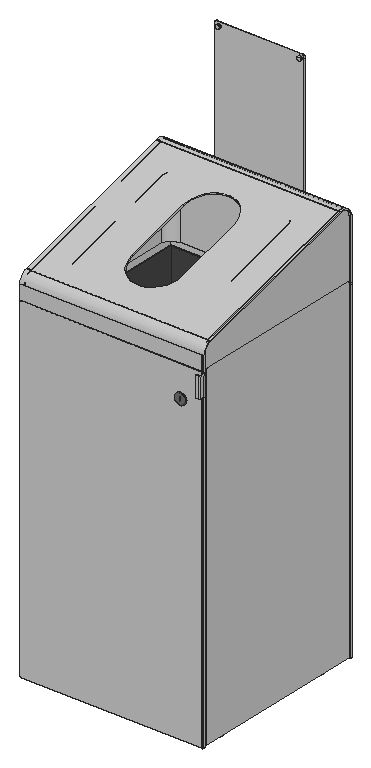
Revit family "Magnuson-Receptacles-Trosa+", category Furniture, Revit 2021
Family settings
  OmniClass Number = 23.40.20.00
  OmniClass Title = General Furniture and Specialties
  Work Plane-Based = No
  Always vertical = Yes
  Cut with Voids When Loaded = No
  Shared = No
  Room Calculation Point = No
Parameters (values of type "TRO-1818L")
  Width = 18"
  URL = "https://www.magnusongroup.com/"
  Type Comments = "Waste Receptacles"  # constant formula
  Top Opening [instance] = Options : A-TRO-Recycle
  Top Finish = MAG - Steel Painted
  Sustainability = "https://magnusongroup.com/contactus/sustainability.html"
  Signage Finish = MAG - Steel Painted
  Height = "A-TRO = 40 1/4\" ; F-TRO = 35 3/4\""
  Adhesive Finish = MAG - Plastic Black
  -ADH-P [instance] = no
  -MAG-R [instance] = yes
  Revit Model Built By = "https://servex-us.com/servex-revit/"
  Product Documentation Link = "https://magnusongroup.com/products/wastereceptacles/trosa.html"
  Model = "TRO-1818L"
  Manufacturer = "Magnuson Group"  # constant formula
  Lock Finish = MAG - Aluminum Black
  -LOCK [instance] = yes
  Liner Finish = MAG - Plastic Black
  Keynote = "12500"
  Glides Finish = MAG - Plastic Black
  Door Finish = MAG - Steel Painted
  Description = "Painted steel 42 gallon body waste receptacle with front access door, internal rigid liner and adjustable glides."
  Frame Finish = MAG - Steel Painted
  Depth = 18.00185"
  Default Elevation = 0"
  Assembly Code = "E2020200"
  Acrylic Finish = MAG - Acrylic Clear
  -ACR [instance] = no
Reference planes (in)
  plane 1 "Center (Front/Back)": y = 0.01377
  plane 2: z = 0
  plane 3 "Center (Left/Right)": x = 0
  plane 4: x = 18
  plane 5: y = -17.98808
  plane 6: z = 33.48799
Forms (in)
  Sweep 1, solid, material "MAG - Plastic Black" <- "Liner Finish"
    path origin (0, 0, 0) x (1, 0, 0) y (0, 1, 0)
      loop
        line (2.65306, -2.6393) -> (2.65306, -15.33317) -> (15.34694, -15.33317) -> (15.34694, -2.6393) -> (2.65306, -2.6393)
    profile origin (9, -2.6393, 0) x (0, 1, 0) y (0, 0, 1)
      loop
        line (0, 1.66099) -> (0, 1.53599) -> (0.12181, 1.53599) -> (0.90306, 31.78599) -> (0.77802, 31.78599) -> (0, 1.66099)
  Extrusion 2, solid, material "MAG - Steel Painted" <- "Frame Finish"
    sketch origin (0, 0, 0) x (1, 0, 0) y (0, 1, 0)
      loop
        line (0.3603, -17.40903) -> (0.875, -17.40903) -> (0.875, -17.34653) -> (0.3603, -17.34653)
        arc (0.3603, -17.34653) -> (0.3265, -17.33253) -> (0.3125, -17.29873) r 0.0478
        line (0.3125, -17.29873) -> (0.3125, -0.03403) -> (0.25, -0.03403) -> (0.25, -17.29873)
        arc (0.25, -17.29873) -> (0.28231, -17.37673) -> (0.3603, -17.40903) r 0.1103
      loop
        arc (17.6397, -17.40903) -> (17.71769, -17.37673) -> (17.75, -17.29873) r 0.1103
        line (17.75, -17.29873) -> (17.75, -0.03403) -> (17.6875, -0.03403) -> (17.6875, -17.29873)
        arc (17.6875, -17.29873) -> (17.6735, -17.33253) -> (17.6397, -17.34653) r 0.0478
        line (17.6397, -17.34653) -> (17.125, -17.34653) -> (17.125, -17.40903) -> (17.6397, -17.40903)
    from 0.48819 to 33.53579
  Extrusion 3, solid, material "MAG - Steel Painted" <- "Frame Finish"
    sketch origin (0, 0, 0) x (0, 1, 0) y (0, 0, 1)
      loop
        line (-1.05058, 1.48819) -> (-4.05058, 1.48819) -> (-4.05058, 0.61319)
        arc (-4.05058, 0.61319) -> (-4.01397, 0.5248) -> (-3.92558, 0.48819) r 0.125
        line (-3.92558, 0.48819) -> (-1.17558, 0.48819)
        arc (-1.17558, 0.48819) -> (-1.08719, 0.5248) -> (-1.05058, 0.61319) r 0.125
        line (-1.05058, 0.61319) -> (-1.05058, 1.48819)
      loop
        line (-16.30023, 1.48819) -> (-16.30023, 0.61319)
        arc (-16.30023, 0.61319) -> (-16.26362, 0.5248) -> (-16.17523, 0.48819) r 0.125
        line (-16.17523, 0.48819) -> (-13.42523, 0.48819)
        arc (-13.42523, 0.48819) -> (-13.33684, 0.5248) -> (-13.30023, 0.61319) r 0.125
        line (-13.30023, 0.61319) -> (-13.30023, 1.48819) -> (-16.30023, 1.48819)
    from 0.3125 to 17.6875
  Extrusion 4, solid, material "MAG - Plastic Black" <- "Glides Finish"
    sketch origin (0, 0, 0) x (1, 0, 0) y (0, 1, 0)
      loop
        circle (1.24954, -2.55316) r 0.5
      loop
        circle (16.75046, -2.55316) r 0.5
      loop
        circle (1.24954, -14.80212) r 0.5
      loop
        circle (16.75046, -14.80212) r 0.5
    from 0 to 0.48819
  Extrusion 5, solid, material "MAG - Steel Painted" <- "Door Finish"
    sketch origin (0, 0.01377, 0) x (1, 0, 0) y (0, 0, 1)
      loop
        arc (0.1875, 33.48799) -> (0.05492, 33.43307) -> (0, 33.30049) r 0.1875
        line (0, 33.30049) -> (0, 0.67549)
        arc (0, 0.67549) -> (0.05492, 0.54291) -> (0.1875, 0.48799) r 0.1875
        line (0.1875, 0.48799) -> (17.8125, 0.48799)
        arc (17.8125, 0.48799) -> (17.94508, 0.54291) -> (18, 0.67549) r 0.1875
        line (18, 0.67549) -> (18, 33.30049)
        arc (18, 33.30049) -> (17.94508, 33.43307) -> (17.8125, 33.48799) r 0.1875
        line (17.8125, 33.48799) -> (0.1875, 33.48799)
    from 17.95405 to 18.00185
  Extrusion 6, void
    sketch origin (0, 0.01377, 0) x (1, 0, 0) y (0, 0, 1)
      loop
        arc (7.14608, 28.06992) -> (9, 27.69413) -> (10.85392, 28.06992) r 4.76099
        arc (10.85392, 28.06992) -> (11.20444, 29.12546) -> (10.3125, 29.78989) r 0.94968
        arc (10.3125, 29.78989) -> (9, 29.53493) -> (7.6875, 29.78989) r 3.50588
        arc (7.6875, 29.78989) -> (6.79556, 29.12546) -> (7.14608, 28.06992) r 0.94968
    from 1.35675 to 16.6628
  Extrusion 7, solid, material "MAG - Steel Painted" <- "Door Finish"
    sketch origin (0, 0, 0) x (1, 0, 0) y (0, 1, 0)
      loop
        line (0.25, -17.94028) -> (17.75, -17.94028) -> (17.75, -17.55058)
        arc (17.75, -17.55058) -> (17.71769, -17.47259) -> (17.6397, -17.44028) r 0.1103
        line (17.6397, -17.44028) -> (0.3603, -17.44028)
        arc (0.3603, -17.44028) -> (0.28231, -17.47259) -> (0.25, -17.55058) r 0.1103
        line (0.25, -17.55058) -> (0.25, -17.94028)
    from 0.48799 to 33.36299
  Extrusion 8, solid, material "MAG - Steel Painted" <- "Frame Finish"
    sketch origin (0, -17.34653, 0) x (1, 0, 0) y (0, 0, -1)
      loop
        line (0.1875, -33.48799) -> (17.8125, -33.48799)
        arc (17.8125, -33.48799) -> (17.94508, -33.43307) -> (18, -33.30049) r 0.1875
        line (18, -33.30049) -> (18, -0.67549)
        arc (18, -0.67549) -> (17.94508, -0.54291) -> (17.8125, -0.48799) r 0.1875
        line (17.8125, -0.48799) -> (0.1875, -0.48799)
        arc (0.1875, -0.48799) -> (0.05492, -0.54291) -> (0, -0.67549) r 0.1875
        line (0, -0.67549) -> (0, -33.30049)
        arc (0, -33.30049) -> (0.05492, -33.43307) -> (0.1875, -33.48799) r 0.1875
    from 17.3125 to 17.3603
  Extrusion 9, solid, material "MAG - Steel Painted" <- "Door Finish"
    sketch origin (0, 0, 0) x (1, 0, 0) y (0, 1, 0)
      loop
        line (18, -18.05058) -> (18, -18.45498)
        arc (18, -18.45498) -> (17.98169, -18.49918) -> (17.9375, -18.51748) r 0.0625
        line (17.9375, -18.51748) -> (17.6103, -18.51748) -> (17.6103, -18.56528) -> (17.9375, -18.56528)
        arc (17.9375, -18.56528) -> (18.01549, -18.53298) -> (18.0478, -18.45498) r 0.1103
        line (18.0478, -18.45498) -> (18.0478, -18.05058)
        arc (18.0478, -18.05058) -> (18.01549, -17.97259) -> (17.9375, -17.94028) r 0.1103
        line (17.9375, -17.94028) -> (17.9375, -17.98808)
        arc (17.9375, -17.98808) -> (17.98169, -18.00639) -> (18, -18.05058) r 0.0625
    from 31.36299 to 33.36299
  Extrusion 10, solid, material "MAG - Plastic Black" <- "Liner Finish"
    sketch origin (0, 0, 0) x (1, 0, 0) y (0, 1, 0)
      loop
        line (2.65306, -2.6393) -> (2.65306, -15.33317) -> (15.34694, -15.33317) -> (15.34694, -2.6393) -> (2.65306, -2.6393)
    from 1.53599 to 1.66099
  Extrusion 11, solid, material "MAG - Steel Painted" <- "Frame Finish"
    sketch origin (0, 0, 0) x (1, 0, 0) y (0, 1, 0)
      loop
        line (0.3125, -0.03403) -> (0.3125, -17.34653) -> (17.6875, -17.34653) -> (17.6875, -0.03403) -> (0.3125, -0.03403)
      loop
        line (2.65616, -14.48663) -> (3.78116, -14.48663) -> (3.78116, -6.42423) -> (2.65616, -6.42423) -> (2.65616, -14.48663)
      loop
        line (15.95433, -6.42423) -> (14.71904, -6.42423) -> (14.71904, -14.48663) -> (15.95433, -14.48663) -> (15.95433, -6.42423)
    from 1.42715 to 1.59477
Cuts and joins
  Extrusion 6 cuts Sweep 1
Lines and regions (in)
  symbolic lines
    curve 1: line (0, 0.01377, 0) -> (18, 0.01377, 0)
    curve 2: line (0, -17.98808, 0) -> (0, 0.01377, 0)
    curve 3: line (18, -17.98808, 0) -> (0, -17.98808, 0)
    curve 4: line (18, 0.01377, 0) -> (18, -17.98808, 0)
  symbolic lines, style "FurnitureHiddenLines", detail levels medium+fine
    curve 5: line (1.75, -1.73623, 0) -> (16.25, -1.73623, 0)
    curve 6: line (1.75, -16.23623, 0) -> (1.75, -1.73623, 0)
    curve 7: line (16.25, -16.23623, 0) -> (1.75, -16.23623, 0)
    curve 8: line (16.25, -1.73623, 0) -> (16.25, -16.23623, 0)
  symbolic lines, style "FurnitureHiddenLines", detail levels fine
    curve 9: arc (1.74954, -2.55316, 0) -> (1.24954, -2.05316, 0) -> (0.74954, -2.55316, 0) r 0.5
    curve 10: arc (0.74954, -2.55316, 0) -> (1.24954, -3.05316, 0) -> (1.74954, -2.55316, 0) r 0.5
    curve 11: arc (17.25046, -2.55316, 0) -> (16.75046, -2.05316, 0) -> (16.25046, -2.55316, 0) r 0.5
    curve 12: arc (16.25046, -2.55316, 0) -> (16.75046, -3.05316, 0) -> (17.25046, -2.55316, 0) r 0.5
    curve 13: arc (17.25046, -14.80212, 0) -> (16.75046, -14.30212, 0) -> (16.25046, -14.80212, 0) r 0.5
    curve 14: arc (16.25046, -14.80212, 0) -> (16.75046, -15.30212, 0) -> (17.25046, -14.80212, 0) r 0.5
    curve 15: arc (1.74954, -14.80212, 0) -> (1.24954, -14.30212, 0) -> (0.74954, -14.80212, 0) r 0.5
    curve 16: arc (0.74954, -14.80212, 0) -> (1.24954, -15.30212, 0) -> (1.74954, -14.80212, 0) r 0.5
Dimensions and locks (in)
  group 1 to group 2 = 11"
  group 1 to group 2 = 0"  (x2)
  "Width": plane 3 "Center (Left/Right)" to plane 4
  "Depth": plane 1 "Center (Front/Back)" to plane 5
  locked: plane 6 to plane 2 at 33.48799
  aligned and locked: level to plane 2
  aligned and locked: Extrusion 3 to Extrusion 2  (x2)
  aligned and locked: Extrusion 8 to Extrusion 2
  aligned and locked: Extrusion 8 to plane 1 "Center (Front/Back)"
  aligned and locked: cut or joined group of Sweep 1, Extrusion 6 to Extrusion 10
  aligned and locked: Extrusion 10 to cut or joined group of Sweep 1, Extrusion 6
  aligned and locked: curve 3 to Extrusion 5
  aligned and locked: curve 4 to Extrusion 5
  aligned and locked: plane 3 "Center (Left/Right)" to nested 1
  aligned and locked: plane 1 "Center (Front/Back)" to nested 1
  aligned and locked: curve 5 to cut or joined group of Sweep 1, Extrusion 6
  aligned and locked: curve 6 to cut or joined group of Sweep 1, Extrusion 6
  aligned and locked: curve 7 to cut or joined group of Sweep 1, Extrusion 6
  aligned and locked: curve 8 to cut or joined group of Sweep 1, Extrusion 6
  aligned and locked: curve 9 to Extrusion 4
  aligned and locked: curve 10 to Extrusion 4
  aligned and locked: curve 11 to Extrusion 4
  aligned and locked: curve 12 to Extrusion 4
  aligned and locked: curve 13 to Extrusion 4
  aligned and locked: curve 14 to Extrusion 4
  aligned and locked: curve 15 to Extrusion 4
  aligned and locked: curve 16 to Extrusion 4
Automatic sketch dimensions
  plane 3 "Center (Left/Right)" to Sweep 1 sketch curve = 2.65306"
  Sweep 1 sketch curve to plane 4 = 2.65306"
  plane 5 to Sweep 1 sketch curve = 2.65491"
  plane 1 "Center (Front/Back)" to Sweep 1 sketch curve = 2.65306"
  Sweep 1 sketch curve to profile plane = 0"
  Sweep 1 sketch curve to profile plane = 0.12181"
  Sweep 1 sketch curve to profile plane = 0.77802"
  Sweep 1 sketch curve to Sweep 1 sketch curve = 0.12504"
  level to Sweep 1 sketch curve = 1.53599"
  Sweep 1 sketch curve to Sweep 1 sketch curve = 1/8"
  Sweep 1 sketch curve to Sweep 1 sketch curve = 30 1/8"
  Extrusion 2 sketch curve to Extrusion 2 sketch curve = 0"  (x4)
  plane 1 "Center (Front/Back)" to Extrusion 2 sketch curve = 0.0478"  (x2)
  plane 3 "Center (Left/Right)" to Extrusion 2 sketch curve = 1/4"
  Extrusion 2 sketch curve to Extrusion 2 sketch curve = 1/16"  (x2)
  Extrusion 2 sketch curve to Extrusion 2 sketch curve = 0.0478"
  Extrusion 2 sketch curve to Extrusion 2 sketch curve = 0.5147"
  Extrusion 2 sketch curve to plane 4 = 7/8"
  Extrusion 2 sketch curve to plane 4 = 0.3603"
  Extrusion 2 sketch curve to plane 4 = 5/16"
  plane 5 to Extrusion 2 sketch curve = 0.68935"  (x2)
  plane 5 to Extrusion 3 sketch curve = 1.68785"
  Extrusion 3 sketch curve to Extrusion 3 sketch curve = 1/8"  (x4)
  level to Extrusion 3 sketch curve = 0.48819"
  Extrusion 3 sketch curve to Extrusion 3 sketch curve = 2 3/4"
  plane 1 "Center (Front/Back)" to Extrusion 3 sketch curve = 4.06435"
  level to Extrusion 3 sketch curve = 0.61319"
  plane 1 "Center (Front/Back)" to Extrusion 3 sketch curve = 1.18935"
  Extrusion 3 sketch curve to Extrusion 3 sketch curve = 7/8"  (x2)
  plane 3 "Center (Left/Right)" to Extrusion 4 sketch curve = 1.24954"  (x2)
  Extrusion 4 sketch curve to plane 4 = 1.24954"  (x2)
  plane 5 to Extrusion 4 sketch curve = 3.18596"  (x2)
  plane 1 "Center (Front/Back)" to Extrusion 4 sketch curve = 2.56693"  (x2)
  Extrusion 5 sketch curve to plane 3 "Center (Left/Right)" = 0"
  Extrusion 5 sketch curve to plane 4 = 0"
  plane 3 "Center (Left/Right)" to Extrusion 5 sketch curve = 3/16"  (x2)
  Extrusion 5 sketch curve to plane 4 = 3/16"
  Extrusion 5 sketch curve to Extrusion 5 sketch curve = 3/16"
  level to Extrusion 5 sketch curve = 0.67549"
  plane 3 "Center (Left/Right)" to Extrusion 6 sketch curve = 7.70142"
  Extrusion 6 sketch curve to Extrusion 6 sketch curve = 1.29858"
  Extrusion 6 sketch curve to Extrusion 6 sketch curve = 0"  (x2)
  Extrusion 6 sketch curve to Extrusion 6 sketch curve = 2.59717"
  Extrusion 6 sketch curve to Extrusion 6 sketch curve = 0.58569"
  Extrusion 6 sketch curve to Extrusion 6 sketch curve = 3.61482"
  Extrusion 6 sketch curve to Extrusion 6 sketch curve = 0.01392"  (x2)
  Extrusion 6 sketch curve to Extrusion 6 sketch curve = 0.55534"
  Extrusion 6 sketch curve to Extrusion 6 sketch curve = 0.94958"
  plane 5 to Extrusion 7 sketch curve = 0.0478"
  plane 3 "Center (Left/Right)" to Extrusion 7 sketch curve = 1/4"
  Extrusion 7 sketch curve to Extrusion 7 sketch curve = 0.1103"
  Extrusion 7 sketch curve to plane 4 = 0.3603"
  Extrusion 7 sketch curve to plane 4 = 1/4"
  Extrusion 7 sketch curve to Extrusion 7 sketch curve = 0.3897"
  Extrusion 8 sketch curve to plane 3 "Center (Left/Right)" = 0"
  Extrusion 8 sketch curve to plane 4 = 0"
  plane 3 "Center (Left/Right)" to Extrusion 8 sketch curve = 3/16"  (x2)
  Extrusion 8 sketch curve to plane 4 = 3/16"
  Extrusion 8 sketch curve to Extrusion 8 sketch curve = 3/16"
  level to Extrusion 8 sketch curve = 0.67549"
  Extrusion 9 sketch curve to Extrusion 9 sketch curve = 0"  (x4)
  Extrusion 9 sketch curve to plane 5 = 0"
  Extrusion 9 sketch curve to plane 4 = 0"
  Extrusion 9 sketch curve to plane 4 = 1/16"
  Extrusion 9 sketch curve to Extrusion 9 sketch curve = 1/16"
  Extrusion 9 sketch curve to Extrusion 9 sketch curve = 0.3272"
  plane 4 to Extrusion 9 sketch curve = 0.0478"
  Extrusion 9 sketch curve to Extrusion 9 sketch curve = 0.4044"
  plane 3 "Center (Left/Right)" to Extrusion 10 sketch curve = 2.65306"
  Extrusion 10 sketch curve to plane 4 = 2.65306"
  plane 5 to Extrusion 10 sketch curve = 2.65491"
  plane 1 "Center (Front/Back)" to Extrusion 10 sketch curve = 2.65306"
  Extrusion 5 sketch curve to Extrusion 5 sketch curve = 32 5/8"
  level to Extrusion 6 sketch curve = 28.84031"
  Extrusion 8 sketch curve to Extrusion 8 sketch curve = 32 5/8"
  curve 3 to plane 3 "Center (Left/Right)" = 0"
  plane 1 "Center (Front/Back)" to curve 2 = 0"
  plane 3 "Center (Left/Right)" to Extrusion 11 sketch curve = 5/16"
  plane 3 "Center (Left/Right)" to Extrusion 11 sketch curve = 2.65616"
  Extrusion 11 sketch curve to Extrusion 11 sketch curve = 1 1/8"
  Extrusion 11 sketch curve to plane 4 = 3.28096"
  Extrusion 11 sketch curve to Extrusion 11 sketch curve = 1.2353"
  Extrusion 11 sketch curve to plane 4 = 5/16"
  plane 5 to Extrusion 11 sketch curve = 0.64155"
  Extrusion 11 sketch curve to Extrusion 11 sketch curve = 2.8599"
  plane 5 to Extrusion 11 sketch curve = 3.50145"
  plane 1 "Center (Front/Back)" to Extrusion 11 sketch curve = 6.438"  (x2)
  plane 1 "Center (Front/Back)" to Extrusion 11 sketch curve = 0.0478"
  radius of Extrusion 4 sketch curve = 1/2"  (x4)
Nested families (in)
  nested 1: "Options" at (0, 0.01377, 33.48828), Signage Metal <- "-MAG-R", type <- "Top Opening", Acrylic <- "-ACR", Lock <- "-LOCK", Adhesive Graphic <- "-ADH-P", Acrylic Finish <- "Acrylic Finish", Adhesive Finish <- "Adhesive Finish", Lock Finish <- "Lock Finish", Signage Finish <- "Signage Finish", Top Finish <- "Top Finish", type "A-TRO-Recycle"
    with Top Finish MAG - Steel Painted, Signage Metal yes, Signage Finish MAG - Steel Painted, Signage yes, Lock Finish MAG - Aluminum Black, Lock yes, Adhesive Graphic no, Adhesive Finish MAG - Plastic Black, Ad no, Acrylic Finish MAG - Acrylic Clear, Acrylic no, Ac no
Definition of nested family "Options"
  Parameters (values of type "A-TRO-Recycle")
    Slanted Top Waste = no
    Top Finish [instance] = none
    Slanted Top = and(or(Slanted Top Recycle, Slanted Top Waste))  # yes
    Signage Metal [instance] = yes
    Signage Finish [instance] = none
    Signage [instance] = and(Signage Metal, or(Slanted Top Recycle, Slanted Top Waste, Flat Top Recycle, Flat Top Waste))  # yes
    Revit Model Built By = "https://servex-us.com/servex-revit/"
    Slanted Top Recycle = yes
    Lock Finish [instance] = none
    Lock [instance] = no
    H = if(Flat Top, 14", 18 1/4")  # 18 1/4"
    Flat Top Waste = no
    Flat Top Recycle = no
    Flat Top = and(or(Flat Top Recycle, Flat Top Waste))  # no
    Default Elevation = 0"
    Adhesive Graphic [instance] = yes
    Adhesive Finish [instance] = none
    Ad [instance] = and(Adhesive Graphic, or(Slanted Top Recycle, Slanted Top Waste, Flat Top Recycle, Flat Top Waste))  # yes
    Acrylic Finish [instance] = none
    Acrylic [instance] = no
    Ac [instance] = and(Acrylic, or(Slanted Top Recycle, Slanted Top Waste, Flat Top Recycle, Flat Top Waste))  # no
  Types (4): name | Slanted Top Waste | Slanted Top | Signage Metal | Signage | Slanted Top Recycle | Lock | H | Flat Top Waste | Flat Top Recycle | Flat Top | Adhesive Graphic | Ad | Acrylic | Ac
    F-TRO-Recycle | no | no | no | no | no | no | 14" | no | yes | yes | no | no | yes | yes
    A-TRO-Waste | yes | yes | no | no | no | yes | 18 1/4" | no | no | no | yes | yes | no | no
    A-TRO-Recycle | no | yes | yes | yes | yes | no | 18 1/4" | no | no | no | yes | yes | no | no
    F-TRO-Waste | no | no | no | no | no | no | 14" | yes | no | yes | no | no | no | no
  Reference planes (in)
    plane 1 "Center (Front/Back)": y = 0
    plane 2: z = 0
    plane 3 "Center (Left/Right)": x = 0
    plane 4: x = 18
    plane 5: y = -18
    plane 6: y = -24
    plane 7: z = 18.25
  Forms (in)
    Extrusion 1, solid, material <- "Top Finish", visible <- "Slanted Top"
      sketch origin (0, 0, 0) x (0, 1, 0) y (0, 0, 1)
        loop
          arc (0, 5.7022) -> (-0.41064, 6.53401) -> (-1.3207, 6.71384) r 1.0478
          line (-1.3207, 6.71384) -> (-1.30442, 6.65349)
          arc (-1.30442, 6.65349) -> (-0.44865, 6.4844) -> (-0.0625, 5.7022) r 0.9853
          line (-0.0625, 5.7022) -> (-0.0625, 0) -> (0, 0) -> (0, 5.7022)
        loop
          line (-18, 0) -> (-17.9375, 0) -> (-17.9375, 1.41181)
          arc (-17.9375, 1.41181) -> (-17.7344, 2.01096) -> (-17.20882, 2.3631) r 0.9853
          line (-17.20882, 2.3631) -> (-17.2251, 2.42344)
          arc (-17.2251, 2.42344) -> (-17.78401, 2.04896) -> (-18, 1.41181) r 1.0478
          line (-18, 1.41181) -> (-18, 0)
      from 0 to 18
    Extrusion 2, solid, material <- "Top Finish", visible <- "Slanted Top"
      sketch origin (0, 0, 0) x (0, 1, 0) y (0, 0, 1)
        loop
          arc (-0.0625, 5.7022) -> (-0.44865, 6.4844) -> (-1.30442, 6.65349) r 0.9853
          line (-1.30442, 6.65349) -> (-17.20882, 2.3631)
          arc (-17.20882, 2.3631) -> (-17.7344, 2.01096) -> (-17.9375, 1.41181) r 0.9853
          line (-17.9375, 1.41181) -> (-17.9375, 0) -> (-0.0625, 0) -> (-0.0625, 5.7022)
      from 0.25 to 0.4085
    Extrusion 3, solid, material <- "Top Finish", visible <- "Slanted Top"
      sketch origin (18.0004, 0, 0) x (0, 1, 0) y (0, 0, -1)
        loop
          line (-0.0625, -5.7022) -> (-0.0625, 0) -> (-17.9375, 0) -> (-17.9375, -1.41181)
          arc (-17.9375, -1.41181) -> (-17.7344, -2.01096) -> (-17.20882, -2.3631) r 0.9853
          line (-17.20882, -2.3631) -> (-1.30442, -6.65349)
          arc (-1.30442, -6.65349) -> (-0.44865, -6.4844) -> (-0.0625, -5.7022) r 0.9853
      from 0.25 to 0.4085
    Extrusion 4, solid, material <- "Top Finish", visible <- "Slanted Top"
      sketch origin (0, 0, 0) x (1, 0, 0) y (0, 1, 0)
        loop
          arc (3.875, -3.38086) -> (3.16789, -3.67375) -> (2.875, -4.38086) r 1
          line (2.875, -4.38086) -> (2.875, -15.23396) -> (15.1254, -15.23396) -> (15.1254, -4.38086)
          arc (15.1254, -4.38086) -> (14.83251, -3.67375) -> (14.1254, -3.38086) r 1
          line (14.1254, -3.38086) -> (3.875, -3.38086)
        loop
          arc (3.875, -3.31836) -> (3.1237, -3.62956) -> (2.8125, -4.38086) r 1.0625
          line (2.8125, -4.38086) -> (2.8125, -15.29646) -> (15.1879, -15.29646) -> (15.1879, -4.38086)
          arc (15.1879, -4.38086) -> (14.8767, -3.62956) -> (14.1254, -3.31836) r 1.0625
          line (14.1254, -3.31836) -> (3.875, -3.31836)
      from 0 to 6.625
    Extrusion 5, void
      sketch origin (0, 0, 0) x (0, 1, 0) y (0, 0, 1)
        loop
          line (-1.41005, 6.625) -> (-15.73396, 6.625) -> (-15.73396, 2.76096) -> (-1.41005, 6.625)
      from 0 to 18
    Extrusion 6, solid, material <- "Top Finish", visible <- "Slanted Top Recycle"
      sketch origin (0, -17.20882, 2.3631) x (0, 0.965487, 0.260451) y (-1, 0, 0)
        loop
          line (16.47293, 0) -> (0, 0) -> (0, -18) -> (16.47293, -18) -> (16.47293, 0)
        loop
          line (11.43783, -6.5) -> (4.93783, -6.5)
          arc (4.93783, -6.5) -> (2.43783, -9) -> (4.93783, -11.5) r 2.5
          line (4.93783, -11.5) -> (11.43783, -11.5)
          arc (11.43783, -11.5) -> (13.93783, -9) -> (11.43783, -6.5) r 2.5
      from 0 to 0.0625
    Extrusion 7, solid, material <- "Top Finish", visible <- "Slanted Top Waste"
      sketch origin (0, -17.20882, 2.3631) x (0, 0.965487, 0.260451) y (-1, 0, 0)
        loop
          line (16.47293, 0) -> (0, 0) -> (0, -18) -> (16.47293, -18) -> (16.47293, 0)
        loop
          arc (13.93783, -4.25) -> (13.64494, -3.54289) -> (12.93783, -3.25) r 1
          line (12.93783, -3.25) -> (3.43783, -3.25)
          arc (3.43783, -3.25) -> (2.73072, -3.54289) -> (2.43783, -4.25) r 1
          line (2.43783, -4.25) -> (2.43783, -13.75)
          arc (2.43783, -13.75) -> (2.73072, -14.45711) -> (3.43783, -14.75) r 1
          line (3.43783, -14.75) -> (12.93783, -14.75)
          arc (12.93783, -14.75) -> (13.64494, -14.45711) -> (13.93783, -13.75) r 1
          line (13.93783, -13.75) -> (13.93783, -4.25)
      from 0 to 0.0625
    Extrusion 8, solid, material <- "Lock Finish", visible <- "Lock"
      sketch origin (0, 0, 0) x (1, 0, 0) y (0, 0, 1)
        loop
          circle (15.71368, -3.114) r 0.5429
        loop
          line (15.70385, -2.98122) -> (15.70385, -3.30581) -> (15.77762, -3.30581) -> (15.77762, -2.98122) -> (15.70385, -2.98122)
      from 18 to 18.06482
    Extrusion 9, solid, material <- "Signage Finish", visible <- "Signage"
      sketch origin (0, 0, 0) x (1, 0, 0) y (0, 0, 1)
        loop
          circle (5.03018, 17.84688) r 0.18507
        loop
          circle (12.97022, 17.84688) r 0.18507
      from 0 to 0.13
    Extrusion 10, solid, material <- "Signage Finish", visible <- "Signage"
      sketch origin (0, 0, 0) x (1, 0, 0) y (0, 0, 1)
        loop
          arc (4.6252, 0.25) -> (4.69842, 0.07322) -> (4.8752, 0) r 0.25
          line (4.8752, 0) -> (13.1252, 0)
          arc (13.1252, 0) -> (13.30198, 0.07322) -> (13.3752, 0.25) r 0.25
          line (13.3752, 0.25) -> (13.3752, 18)
          arc (13.3752, 18) -> (13.30198, 18.17678) -> (13.1252, 18.25) r 0.25
          line (13.1252, 18.25) -> (4.8752, 18.25)
          arc (4.8752, 18.25) -> (4.69842, 18.17678) -> (4.6252, 18) r 0.25
          line (4.6252, 18) -> (4.6252, 0.25)
      from -0.0747 to 0
    Extrusion 11, solid, material <- "Signage Finish", visible <- "Signage"
      sketch origin (0, 0, 0) x (1, 0, 0) y (0, 0, 1)
        loop
          circle (5.03018, 17.84688) r 0.18507
        loop
          circle (12.97022, 17.84688) r 0.18507
      from 0 to 0.13
    Extrusion 12, solid, material <- "Acrylic Finish", visible <- "Ac"
      sketch origin (0, 0, 0) x (1, 0, 0) y (0, 0, 1)
        loop
          line (13.1252, 18.25) -> (4.8752, 18.25)
          arc (4.8752, 18.25) -> (4.69842, 18.17678) -> (4.6252, 18) r 0.25
          line (4.6252, 18) -> (4.6252, 6.42819)
          arc (4.6252, 6.42819) -> (4.69842, 6.25141) -> (4.8752, 6.17819) r 0.25
          line (4.8752, 6.17819) -> (13.1252, 6.17819)
          arc (13.1252, 6.17819) -> (13.30198, 6.25141) -> (13.3752, 6.42819) r 0.25
          line (13.3752, 6.42819) -> (13.3752, 18)
          arc (13.3752, 18) -> (13.30198, 18.17678) -> (13.1252, 18.25) r 0.25
      from 0 to 0.10984
    Extrusion 13, solid, material <- "Signage Finish", visible <- "Signage"
      sketch origin (0, 0, -17.24578) x (1, 0, 0) y (0, 0, 1)
        loop
          circle (5.28018, 17.84688) r 0.25
        loop
          circle (12.72022, 17.84688) r 0.25
      from -0.32814 to -0.0747
    Extrusion 14, solid, material <- "Top Finish", visible <- "Flat Top"
      sketch origin (-38.74621, 0, 0) x (0, 1, 0) y (0, 0, 1)
        loop
          line (-0.0478, 1.41181) -> (-0.0478, 0) -> (0, 0) -> (0, 1.41181)
          arc (0, 1.41181) -> (-0.30689, 2.15271) -> (-1.0478, 2.45961) r 1.0478
          line (-1.0478, 2.45961) -> (-1.0478, 2.41181)
          arc (-1.0478, 2.41181) -> (-0.34069, 2.11891) -> (-0.0478, 1.41181) r 1
        loop
          line (-18, 0) -> (-17.9522, 0) -> (-17.9522, 1.41181)
          arc (-17.9522, 1.41181) -> (-17.65931, 2.11891) -> (-16.9522, 2.41181) r 1
          line (-16.9522, 2.41181) -> (-16.9522, 2.45961)
          arc (-16.9522, 2.45961) -> (-17.69311, 2.15271) -> (-18, 1.41181) r 1.0478
          line (-18, 1.41181) -> (-18, 0)
      from 38.74621 to 56.74621
    Extrusion 15, solid, material <- "Top Finish", visible <- "Flat Top Recycle"
      sketch origin (-38.74621, 0, 0) x (1, 0, 0) y (0, 1, 0)
        loop
          line (38.74621, -1.0478) -> (38.74621, -16.9522) -> (56.74621, -16.9522) -> (56.74621, -1.0478) -> (38.74621, -1.0478)
        loop
          arc (45.24621, -12.13788) -> (47.74621, -14.63788) -> (50.24621, -12.13788) r 2.5
          line (50.24621, -12.13788) -> (50.24621, -5.85917)
          arc (50.24621, -5.85917) -> (47.74621, -3.35917) -> (45.24621, -5.85917) r 2.5
          line (45.24621, -5.85917) -> (45.24621, -12.13788)
      from 2.41181 to 2.45961
    Extrusion 16, solid, material <- "Top Finish", visible <- "Flat Top Waste"
      sketch origin (-65.77707, 23, -0.625) x (1, 0, 0) y (0, 1, 0)
        loop
          line (65.77707, -24.0478) -> (65.77707, -39.9522) -> (83.77707, -39.9522) -> (83.77707, -24.0478) -> (65.77707, -24.0478)
        loop
          line (69.02707, -27.25) -> (69.02707, -36.75)
          arc (69.02707, -36.75) -> (69.31996, -37.45711) -> (70.02707, -37.75) r 1
          line (70.02707, -37.75) -> (79.52707, -37.75)
          arc (79.52707, -37.75) -> (80.23417, -37.45711) -> (80.52707, -36.75) r 1
          line (80.52707, -36.75) -> (80.52707, -27.25)
          arc (80.52707, -27.25) -> (80.23417, -26.54289) -> (79.52707, -26.25) r 1
          line (79.52707, -26.25) -> (70.02707, -26.25)
          arc (70.02707, -26.25) -> (69.31996, -26.54289) -> (69.02707, -27.25) r 1
      from 3.03681 to 3.08461
    Extrusion 17, solid, material <- "Top Finish", visible <- "Flat Top"
      sketch origin (-53.27707, 0, -0.625) x (1, 0, 0) y (0, 1, 0)
        loop
          arc (57.15207, -2.8272) -> (56.41116, -3.13409) -> (56.10427, -3.875) r 1.0478
          line (56.10427, -3.875) -> (56.10427, -15.1728) -> (68.44987, -15.1728) -> (68.44987, -3.875)
          arc (68.44987, -3.875) -> (68.14297, -3.13409) -> (67.40207, -2.8272) r 1.0478
          line (67.40207, -2.8272) -> (57.15207, -2.8272)
        loop
          arc (57.15207, -2.875) -> (56.44496, -3.16789) -> (56.15207, -3.875) r 1
          line (56.15207, -3.875) -> (56.15207, -15.125) -> (68.40207, -15.125) -> (68.40207, -3.875)
          arc (68.40207, -3.875) -> (68.10917, -3.16789) -> (67.40207, -2.875) r 1
          line (67.40207, -2.875) -> (57.15207, -2.875)
      from 0.625 to 3.03313
    Extrusion 18, solid, material <- "Top Finish", visible <- "Flat Top"
      sketch origin (-27.49621, 24, 0) x (0, 1, 0) y (0, 0, 1)
        loop
          line (-24.0478, 0) -> (-24.0478, 1.41181)
          arc (-24.0478, 1.41181) -> (-24.34069, 2.11891) -> (-25.0478, 2.41181) r 1
          line (-25.0478, 2.41181) -> (-40.9522, 2.41181)
          arc (-40.9522, 2.41181) -> (-41.65931, 2.11891) -> (-41.9522, 1.41181) r 1
          line (-41.9522, 1.41181) -> (-41.9522, 0) -> (-24.0478, 0)
      from 27.74621 to 27.79441
    Extrusion 19, solid, material <- "Top Finish", visible <- "Flat Top"
      sketch origin (45.49621, 24, 0) x (0, 1, 0) y (0, 0, -1)
        loop
          line (-24.0478, 0) -> (-41.9522, 0) -> (-41.9522, -1.41181)
          arc (-41.9522, -1.41181) -> (-41.65931, -2.11891) -> (-40.9522, -2.41181) r 1
          line (-40.9522, -2.41181) -> (-25.0478, -2.41181)
          arc (-25.0478, -2.41181) -> (-24.34069, -2.11891) -> (-24.0478, -1.41181) r 1
          line (-24.0478, -1.41181) -> (-24.0478, 0)
      from 27.74621 to 27.79441
    Extrusion 20, solid, material <- "Signage Finish", visible <- "Ac"
      sketch origin (0, 0, 0) x (1, 0, 0) y (0, 0, 1)
        loop
          arc (4.6252, 0.25) -> (4.69842, 0.07322) -> (4.8752, 0) r 0.25
          line (4.8752, 0) -> (13.1252, 0)
          arc (13.1252, 0) -> (13.30198, 0.07322) -> (13.3752, 0.25) r 0.25
          line (13.3752, 0.25) -> (13.3752, 18)
          arc (13.3752, 18) -> (13.30198, 18.17678) -> (13.1252, 18.25) r 0.25
          line (13.1252, 18.25) -> (4.8752, 18.25)
          arc (4.8752, 18.25) -> (4.69842, 18.17678) -> (4.6252, 18) r 0.25
          line (4.6252, 18) -> (4.6252, 0.25)
      from -0.0747 to 0
    Extrusion 21, solid, material <- "Signage Finish", visible <- "Ac"
      sketch origin (0, 0, 0) x (1, 0, 0) y (0, 0, 1)
        loop
          circle (5.03018, 17.84688) r 0.18507
        loop
          circle (12.97022, 17.84688) r 0.18507
      from 0 to 0.13
    Extrusion 22, solid, material <- "Signage Finish", visible <- "Ac"
      sketch origin (0, 0, 0) x (1, 0, 0) y (0, 0, 1)
        loop
          circle (5.03018, 17.84688) r 0.18507
        loop
          circle (12.97022, 17.84688) r 0.18507
      from 0 to 0.13
    Extrusion 23, solid, material <- "Signage Finish", visible <- "Ac"
      sketch origin (0, 0, -17.24578) x (1, 0, 0) y (0, 0, 1)
        loop
          circle (5.28018, 17.84688) r 0.25
        loop
          circle (12.72022, 17.84688) r 0.25
      from -0.32814 to -0.0747
    Extrusion 24, solid, material <- "Signage Finish", visible <- "Adhesive Graphic"
      sketch origin (0, 0, 0) x (1, 0, 0) y (0, 0, 1)
        loop
          line (4.6252, 18) -> (4.6252, 0.25)
          arc (4.6252, 0.25) -> (4.69842, 0.07322) -> (4.8752, 0) r 0.25
          line (4.8752, 0) -> (13.1252, 0)
          arc (13.1252, 0) -> (13.30198, 0.07322) -> (13.3752, 0.25) r 0.25
          line (13.3752, 0.25) -> (13.3752, 18)
          arc (13.3752, 18) -> (13.30198, 18.17678) -> (13.1252, 18.25) r 0.25
          line (13.1252, 18.25) -> (4.8752, 18.25)
          arc (4.8752, 18.25) -> (4.69842, 18.17678) -> (4.6252, 18) r 0.25
      from -0.0747 to 0
    Extrusion 25, solid, material <- "Adhesive Finish", visible <- "Adhesive Graphic"
      sketch origin (0, 0, 0) x (1, 0, 0) y (0, 0, 1)
        loop
          arc (4.9377, 18.1875) -> (4.76092, 18.11428) -> (4.6877, 17.9375) r 0.25
          line (4.6877, 17.9375) -> (4.6877, 2.78254)
          arc (4.6877, 2.78254) -> (4.76092, 2.60576) -> (4.9377, 2.53254) r 0.25
          line (4.9377, 2.53254) -> (13.0627, 2.53254)
          arc (13.0627, 2.53254) -> (13.23948, 2.60576) -> (13.3127, 2.78254) r 0.25
          line (13.3127, 2.78254) -> (13.3127, 17.9375)
          arc (13.3127, 17.9375) -> (13.23948, 18.11428) -> (13.0627, 18.1875) r 0.25
          line (13.0627, 18.1875) -> (4.9377, 18.1875)
      from 0 to 0.01563
  Cuts and joins
    Extrusion 5 cuts Extrusion 4
  Lines and regions (in)
    symbolic lines, visible <- "Slanted Top Recycle"
      curve 1: spline (6.5, -6.18202, 0) -> (6.58519, -5.55731, 0) -> (6.83494, -4.97516, 0) -> (7.23223, -4.47527, 0) -> (7.75, -4.09168, 0) -> (8.35295, -3.85055, 0) -> (9, -3.76831, 0) -> (9.64705, -3.85055, 0) -> (10.25, -4.09168, 0) -> (10.76777, -4.47527, 0) -> (11.16506, -4.97516, 0) -> (11.41481, -5.55731, 0) -> (11.5, -6.18202, 0)
      curve 2: line (6.5, -12.45769, 0) -> (6.5, -6.18202, 0)
      curve 3: line (11.5, -6.18202, 0) -> (11.5, -12.45769, 0)
      curve 4: spline (11.5, -12.45769, 0) -> (11.41481, -13.08241, 0) -> (11.16506, -13.66455, 0) -> (10.76777, -14.16445, 0) -> (10.25, -14.54803, 0) -> (9.64705, -14.78916, 0) -> (9, -14.87141, 0) -> (8.35295, -14.78916, 0) -> (7.75, -14.54803, 0) -> (7.23223, -14.16445, 0) -> (6.83494, -13.66455, 0) -> (6.58519, -13.08241, 0) -> (6.5, -12.45769, 0)
    symbolic lines, visible <- "Slanted Top Waste"
      curve 5: line (3.25, -13.90592, 0) -> (3.25, -4.73379, 0)
      curve 6: spline (3.25, -4.73379, 0) -> (3.25856, -4.60777, 0) -> (3.28407, -4.48391, 0) -> (3.32612, -4.36432, 0) -> (3.38397, -4.25105, 0) -> (3.45665, -4.14604, 0) -> (3.54289, -4.05109, 0) -> (3.64124, -3.96782, 0) -> (3.75, -3.89766, 0) -> (3.86732, -3.8418, 0) -> (3.99118, -3.8012, 0) -> (4.11947, -3.77657, 0) -> (4.25, -3.76831, 0)
      curve 7: line (4.25, -3.76831, 0) -> (13.75, -3.76831, 0)
      curve 8: spline (13.75, -3.76831, 0) -> (13.88053, -3.77657, 0) -> (14.00882, -3.8012, 0) -> (14.13268, -3.8418, 0) -> (14.25, -3.89766, 0) -> (14.35876, -3.96782, 0) -> (14.45711, -4.05109, 0) -> (14.54335, -4.14604, 0) -> (14.61603, -4.25105, 0) -> (14.67388, -4.36432, 0) -> (14.71593, -4.48391, 0) -> (14.74144, -4.60777, 0) -> (14.75, -4.73379, 0)
      curve 9: line (14.75, -4.73379, 0) -> (14.75, -13.90592, 0)
      curve 10: spline (14.75, -13.90592, 0) -> (14.74144, -14.03194, 0) -> (14.71593, -14.15581, 0) -> (14.67388, -14.2754, 0) -> (14.61603, -14.38866, 0) -> (14.54335, -14.49367, 0) -> (14.45711, -14.58862, 0) -> (14.35876, -14.67189, 0) -> (14.25, -14.74206, 0) -> (14.13268, -14.79791, 0) -> (14.00882, -14.83851, 0) -> (13.88053, -14.86315, 0) -> (13.75, -14.87141, 0)
      curve 11: line (13.75, -14.87141, 0) -> (4.25, -14.87141, 0)
      curve 12: spline (4.25, -14.87141, 0) -> (4.11947, -14.86315, 0) -> (3.99118, -14.83851, 0) -> (3.86732, -14.79791, 0) -> (3.75, -14.74206, 0) -> (3.64124, -14.67189, 0) -> (3.54289, -14.58862, 0) -> (3.45665, -14.49367, 0) -> (3.38397, -14.38866, 0) -> (3.32612, -14.2754, 0) -> (3.28407, -14.15581, 0) -> (3.25856, -14.03194, 0) -> (3.25, -13.90592, 0)
    symbolic lines, visible <- "Signage"
      curve 13: line (4.6252, 0, 0) -> (4.6252, 0.0747, 0)
      curve 14: line (4.6252, 0.0747, 0) -> (13.3752, 0.0747, 0)
      curve 15: line (13.3752, 0.0747, 0) -> (13.3752, 0, 0)
      curve 38: line (5.03018, 0.32814, 0) -> (5.53018, 0.32814, 0)
      curve 39: line (5.53018, 0.32814, 0) -> (5.53018, 0.0747, 0)
      curve 40: line (5.03018, 0.32814, 0) -> (5.03018, 0.0747, 0)
      curve 41: line (12.47022, 0.32814, 0) -> (12.97022, 0.32814, 0)
      curve 42: line (12.97022, 0.32814, 0) -> (12.97022, 0.0747, 0)
      curve 43: line (12.47022, 0.32814, 0) -> (12.47022, 0.0747, 0)
    symbolic lines, visible <- "Lock"
      curve 16: line (15.17079, -18, 0) -> (15.17079, -18.06482, 0)
      curve 17: line (15.17079, -18.06482, 0) -> (16.25658, -18.06482, 0)
      curve 18: line (16.25658, -18.06482, 0) -> (16.25658, -18, 0)
    symbolic lines, visible <- "Flat Top Recycle"
      curve 19: line (0, 0, 0) -> (18, 0, 0)
      curve 20: line (0, -18, 0) -> (0, 0, 0)
      curve 21: line (18, -18, 0) -> (0, -18, 0)
      curve 22: line (18, 0, 0) -> (18, -18, 0)
      curve 23: line (6.5, -5.85917, 0) -> (6.5, -12.13788, 0)
      curve 24: line (11.5, -5.85917, 0) -> (11.5, -12.13788, 0)
      curve 25: arc (6.5, -5.85917, 0) -> (9, -3.35917, 0) -> (11.5, -5.85917, 0) r 2.5
      curve 26: arc (11.5, -12.13788, 0) -> (9, -14.63788, 0) -> (6.5, -12.13788, 0) r 2.5
    symbolic lines, visible <- "Flat Top Waste"
      curve 27: arc (3.25, -4.25, 0) -> (3.54289, -3.54289, 0) -> (4.25, -3.25, 0) r 1
      curve 28: line (4.25, -3.25, 0) -> (13.75, -3.25, 0)
      curve 29: arc (13.75, -3.25, 0) -> (14.45711, -3.54289, 0) -> (14.75, -4.25, 0) r 1
      curve 30: line (14.75, -4.25, 0) -> (14.75, -13.75, 0)
      curve 31: arc (14.75, -13.75, 0) -> (14.45711, -14.45711, 0) -> (13.75, -14.75, 0) r 1
      curve 32: line (13.75, -14.75, 0) -> (4.25, -14.75, 0)
      curve 33: arc (4.25, -14.75, 0) -> (3.54289, -14.45711, 0) -> (3.25, -13.75, 0) r 1
      curve 34: line (3.25, -13.75, 0) -> (3.25, -4.25, 0)
    symbolic lines, visible <- "Ac"
      curve 35: line (4.6252, -0.10984, 0) -> (13.3752, -0.10984, 0)
      curve 36: line (13.3752, -0.10984, 0) -> (13.3752, 0, 0)
      curve 37: line (4.6252, -0.10984, 0) -> (4.6252, 0, 0)
    symbolic lines, visible <- "Adhesive Graphic"
      curve 44: line (4.6252, 0, 0) -> (4.6252, 0.0747, 0)
      curve 45: line (4.6252, 0.0747, 0) -> (13.3752, 0.0747, 0)
      curve 46: line (13.3752, 0.0747, 0) -> (13.3752, 0, 0)
  Dimensions and locks (in)
    locked: plane 7 to Extrusion 22 sketch curve at 0.40312  (x2)
    locked: plane 7 to Extrusion 12 sketch curve at 0.25  (x2)
    locked: plane 7 to Extrusion 20 sketch curve at 0.25  (x2)
    locked: plane 7 to Extrusion 10 sketch curve at 0.25  (x2)
    locked: plane 7 to Extrusion 21 sketch curve at 0.40312  (x2)
    "H": plane 7 to plane 2
    locked: plane 7 to Extrusion 12 sketch curve at 11.82181  (x2)
    locked: plane 7 to Extrusion 11 sketch curve at 0.40312  (x2)
    locked: plane 7 to Extrusion 9 sketch curve at 0.40312  (x2)
    locked: plane 7 to Extrusion 24 sketch curve at 0.25  (x2)
    locked: plane 7 to Extrusion 25 sketch curve at 0.3125  (x2)
    locked: Extrusion 25 sketch curve to plane 2 at 2.78254  (x2)
    aligned and locked: plane 2 to level
    aligned and locked: Extrusion 6 to Extrusion 1  (x2)
    aligned and locked: Extrusion 13 to Extrusion 10
    aligned and locked: curve 27 to Extrusion 16
    aligned and locked: curve 29 to Extrusion 16
    aligned and locked: curve 31 to Extrusion 16
    aligned and locked: curve 33 to Extrusion 16
    aligned and locked: Extrusion 10 sketch curve to plane 7
    aligned and locked: Extrusion 24 sketch curve to plane 2
  Automatic sketch dimensions
    Extrusion 1 sketch curve to Extrusion 1 sketch curve = 0"  (x4)
    Extrusion 1 sketch curve to level = 0"  (x2)
    Extrusion 1 sketch curve to plane 5 = 0"
    Extrusion 1 sketch curve to plane 1 "Center (Front/Back)" = 0"
    Extrusion 1 sketch curve to Extrusion 1 sketch curve = 1/16"
    plane 5 to Extrusion 1 sketch curve = 0.7749"
    Extrusion 1 sketch curve to Extrusion 1 sketch curve = 0.01628"  (x2)
    Extrusion 1 sketch curve to Extrusion 1 sketch curve = 0.25662"  (x2)
    plane 1 "Center (Front/Back)" to Extrusion 1 sketch curve = 1.3207"
    plane 1 "Center (Front/Back)" to Extrusion 1 sketch curve = 1/16"
    Extrusion 1 sketch curve to Extrusion 1 sketch curve = 1.41181"
    Extrusion 1 sketch curve to Extrusion 1 sketch curve = 5.7022"
    Extrusion 2 sketch curve to level = 0"
    plane 5 to Extrusion 2 sketch curve = 1/16"
    plane 5 to Extrusion 2 sketch curve = 0.79118"
    Extrusion 2 sketch curve to Extrusion 2 sketch curve = 0.9853"
    plane 1 "Center (Front/Back)" to Extrusion 2 sketch curve = 1.30442"
    Extrusion 2 sketch curve to Extrusion 2 sketch curve = 0.25662"
    plane 1 "Center (Front/Back)" to Extrusion 2 sketch curve = 1/16"
    Extrusion 2 sketch curve to Extrusion 2 sketch curve = 1.41181"
    Extrusion 2 sketch curve to Extrusion 2 sketch curve = 5.7022"
    Extrusion 3 sketch curve to level = 0"
    plane 5 to Extrusion 3 sketch curve = 1/16"
    plane 5 to Extrusion 3 sketch curve = 0.79118"
    Extrusion 3 sketch curve to Extrusion 3 sketch curve = 0.9853"
    plane 1 "Center (Front/Back)" to Extrusion 3 sketch curve = 1.30442"
    Extrusion 3 sketch curve to Extrusion 3 sketch curve = 0.25662"
    plane 1 "Center (Front/Back)" to Extrusion 3 sketch curve = 1/16"
    level to Extrusion 3 sketch curve = 1.41181"
    Extrusion 3 sketch curve to Extrusion 3 sketch curve = 5.7022"
    Extrusion 4 sketch curve to Extrusion 4 sketch curve = 0"  (x4)
    plane 3 "Center (Left/Right)" to Extrusion 4 sketch curve = 2 13/16"
    Extrusion 4 sketch curve to Extrusion 4 sketch curve = 1/16"  (x2)
    Extrusion 4 sketch curve to Extrusion 4 sketch curve = 1"
    Extrusion 4 sketch curve to plane 4 = 3.8746"
    Extrusion 4 sketch curve to plane 4 = 2.8746"
    plane 5 to Extrusion 4 sketch curve = 2.70354"
    plane 1 "Center (Front/Back)" to Extrusion 4 sketch curve = 4.38086"
    plane 5 to Extrusion 5 sketch curve = 2.26604"
    plane 1 "Center (Front/Back)" to Extrusion 5 sketch curve = 1.41005"
    level to Extrusion 5 sketch curve = 2.76096"
    Extrusion 5 sketch curve to Extrusion 5 sketch curve = 3.86404"
    Extrusion 6 sketch curve to Extrusion 2 = 0"  (x2)
    Extrusion 6 sketch curve to Extrusion 2 = 4.93783"
    Extrusion 2 to Extrusion 6 sketch curve = 5.0351"
    Extrusion 6 sketch curve to Extrusion 2 = 17.5915"
    Extrusion 6 sketch curve to Extrusion 6 sketch curve = 6 1/2"
    Extrusion 6 sketch curve to Extrusion 6 sketch curve = 2 1/2"
    Extrusion 6 sketch curve to Extrusion 2 = 1/4"
    Extrusion 7 sketch curve to Extrusion 2 = 0"  (x2)
    Extrusion 7 sketch curve to Extrusion 2 = 2.43783"
    Extrusion 7 sketch curve to Extrusion 7 sketch curve = 1"  (x3)
    Extrusion 2 to Extrusion 7 sketch curve = 3.5351"  (x2)
    Extrusion 7 sketch curve to Extrusion 2 = 17.5915"
    Extrusion 7 sketch curve to Extrusion 7 sketch curve = 3 1/4"
    Extrusion 7 sketch curve to Extrusion 2 = 3.8415"
    Extrusion 7 sketch curve to Extrusion 2 = 1/4"
    Extrusion 8 sketch curve to plane 4 = 2.29615"
    Extrusion 8 sketch curve to Extrusion 8 sketch curve = 0.00984"
    Extrusion 8 sketch curve to Extrusion 8 sketch curve = 0.07377"
    Extrusion 8 sketch curve to level = 3.30581"
    Extrusion 8 sketch curve to Extrusion 8 sketch curve = 0.1918"
    Extrusion 8 sketch curve to Extrusion 8 sketch curve = 0.13279"
    plane 3 "Center (Left/Right)" to Extrusion 9 sketch curve = 5.03018"
    Extrusion 9 sketch curve to plane 4 = 5.02978"
    Extrusion 10 sketch curve to level = 0"
    level to Extrusion 10 sketch curve = 1/4"  (x2)
    plane 3 "Center (Left/Right)" to Extrusion 10 sketch curve = 4.6252"
    Extrusion 10 sketch curve to plane 4 = 4.8748"
    plane 3 "Center (Left/Right)" to Extrusion 11 sketch curve = 5.03018"
    Extrusion 11 sketch curve to plane 4 = 5.02978"
    plane 3 "Center (Left/Right)" to Extrusion 12 sketch curve = 4.6252"
    Extrusion 12 sketch curve to Extrusion 12 sketch curve = 1/4"  (x2)
    Extrusion 12 sketch curve to plane 4 = 4.8748"
    level to Extrusion 13 sketch curve = 0.6011"  (x2)
    plane 3 "Center (Left/Right)" to Extrusion 13 sketch curve = 5.28018"
    Extrusion 13 sketch curve to plane 4 = 5.27978"
    Extrusion 14 sketch curve to Extrusion 14 sketch curve = 0"  (x4)
    Extrusion 14 sketch curve to level = 0"  (x2)
    Extrusion 14 sketch curve to plane 5 = 0"
    Extrusion 14 sketch curve to plane 1 "Center (Front/Back)" = 0"
    plane 5 to Extrusion 14 sketch curve = 0.0478"
    plane 5 to Extrusion 14 sketch curve = 1.0478"
    plane 1 "Center (Front/Back)" to Extrusion 14 sketch curve = 1.0478"
    Extrusion 14 sketch curve to Extrusion 14 sketch curve = 0.0478"
    Extrusion 14 sketch curve to Extrusion 14 sketch curve = 1.41181"
    level to Extrusion 14 sketch curve = 1.41181"
    Extrusion 15 sketch curve to plane 3 "Center (Left/Right)" = 0"
    Extrusion 15 sketch curve to plane 4 = 0"
    plane 3 "Center (Left/Right)" to Extrusion 15 sketch curve = 6 1/2"
    Extrusion 15 sketch curve to Extrusion 15 sketch curve = 2 1/2"
    plane 5 to Extrusion 15 sketch curve = 1.0478"
    plane 5 to Extrusion 15 sketch curve = 5.86212"
    plane 1 "Center (Front/Back)" to Extrusion 15 sketch curve = 5.85917"
    plane 1 "Center (Front/Back)" to Extrusion 15 sketch curve = 1.0478"
    Extrusion 16 sketch curve to plane 3 "Center (Left/Right)" = 0"
    Extrusion 16 sketch curve to plane 4 = 0"
    plane 3 "Center (Left/Right)" to Extrusion 16 sketch curve = 3 1/4"
    Extrusion 16 sketch curve to Extrusion 16 sketch curve = 1"  (x3)
    Extrusion 16 sketch curve to plane 4 = 4 1/4"  (x2)
    plane 5 to Extrusion 16 sketch curve = 1.0478"
    plane 5 to Extrusion 16 sketch curve = 3 1/4"
    plane 1 "Center (Front/Back)" to Extrusion 16 sketch curve = 4 1/4"
    plane 1 "Center (Front/Back)" to Extrusion 16 sketch curve = 1.0478"
    Extrusion 17 sketch curve to Extrusion 17 sketch curve = 0"  (x4)
    plane 3 "Center (Left/Right)" to Extrusion 17 sketch curve = 2.8272"
    Extrusion 17 sketch curve to Extrusion 17 sketch curve = 0.0478"  (x2)
    Extrusion 17 sketch curve to Extrusion 17 sketch curve = 1"  (x2)
    Extrusion 17 sketch curve to plane 4 = 3 7/8"
    plane 5 to Extrusion 17 sketch curve = 2.8272"
    plane 1 "Center (Front/Back)" to Extrusion 17 sketch curve = 3 7/8"
    Extrusion 18 sketch curve to level = 0"
    plane 5 to Extrusion 18 sketch curve = 0.0478"
    plane 5 to Extrusion 18 sketch curve = 1.0478"
    plane 1 "Center (Front/Back)" to Extrusion 18 sketch curve = 1.0478"
    plane 1 "Center (Front/Back)" to Extrusion 18 sketch curve = 0.0478"
    level to Extrusion 18 sketch curve = 1.41181"
    Extrusion 19 sketch curve to level = 0"
    plane 5 to Extrusion 19 sketch curve = 0.0478"
    plane 5 to Extrusion 19 sketch curve = 1.0478"
    plane 1 "Center (Front/Back)" to Extrusion 19 sketch curve = 1.0478"
    plane 1 "Center (Front/Back)" to Extrusion 19 sketch curve = 0.0478"
    level to Extrusion 19 sketch curve = 1.41181"
    Extrusion 20 sketch curve to level = 0"
    level to Extrusion 20 sketch curve = 1/4"  (x2)
    plane 3 "Center (Left/Right)" to Extrusion 20 sketch curve = 4.6252"
    Extrusion 20 sketch curve to plane 4 = 4.8748"
    plane 3 "Center (Left/Right)" to Extrusion 21 sketch curve = 5.03018"
    Extrusion 21 sketch curve to plane 4 = 5.02978"
    plane 3 "Center (Left/Right)" to Extrusion 22 sketch curve = 5.03018"
    Extrusion 22 sketch curve to plane 4 = 5.02978"
    level to Extrusion 23 sketch curve = 0.6011"  (x2)
    plane 3 "Center (Left/Right)" to Extrusion 23 sketch curve = 5.28018"
    Extrusion 23 sketch curve to plane 4 = 5.27978"
    Extrusion 20 sketch curve to plane 7 = 0"
    Extrusion 24 sketch curve to plane 7 = 0"
    plane 3 "Center (Left/Right)" to Extrusion 24 sketch curve = 4.6252"
    Extrusion 24 sketch curve to plane 4 = 4.8748"
    Extrusion 24 sketch curve to Extrusion 24 sketch curve = 1/4"
    level to Extrusion 24 sketch curve = 1/4"
    plane 3 "Center (Left/Right)" to Extrusion 25 sketch curve = 4.6877"
    Extrusion 25 sketch curve to Extrusion 25 sketch curve = 1/4"  (x2)
    Extrusion 25 sketch curve to plane 4 = 4.9373"
    plane 1 "Center (Front/Back)" to curve 19 = 0"
    curve 19 to plane 3 "Center (Left/Right)" = 0"
    curve 16 to plane 5 = 0"
    curve 21 to plane 4 = 0"
    curve 5 to curve 34 = 0"
    curve 11 to curve 33 = 0"
    curve 7 to curve 27 = 0"
    curve 44 to plane 1 "Center (Front/Back)" = 0.0747"
    curve 27 to curve 44 = 0.3752"
    curve 37 to curve 44 = 0"
    curve 13 to curve 38 = 0.40498"
    curve 38 to curve 39 = 1/2"
    curve 6 to curve 23 = 1 1/4"
    curve 2 to curve 23 = 0"
    curve 25 to curve 25 = 2 1/2"
    curve 3 to curve 25 = 0"
    curve 41 to plane 1 "Center (Front/Back)" = 21/64"
    curve 41 to curve 29 = 1.27978"
    curve 41 to curve 41 = 1/2"
    plane 1 "Center (Front/Back)" to curve 35 = 0.10984"
    curve 42 to curve 35 = 0.40498"
    curve 11 to curve 31 = 0"
    curve 7 to curve 29 = 0"
    curve 9 to curve 30 = 0"
    curve 17 to plane 5 = 0.06482"
    curve 17 to plane 4 = 2.82921"
    curve 16 to curve 18 = 1.08579"
    curve 11 to curve 33 = 0.12141"
    curve 5 to curve 33 = 0.15592"
    curve 9 to curve 30 = 0.15592"
    curve 12 to curve 2 = 1.44823"
    curve 4 to curve 23 = 0.31981"
    curve 2 to curve 27 = 1.93202"
    curve 1 to curve 25 = 0.32285"
    curve 9 to curve 30 = 0.48379"
    curve 5 to curve 34 = 0.48379"
    curve 27 to curve 7 = 0.48169"
    curve 40 to curve 40 = 0.25344"
    curve 46 to curve 36 = 0"
    radius of Extrusion 8 sketch curve = 0.5429"
    radius of Extrusion 9 sketch curve = 0.18507"  (x2)
    radius of Extrusion 11 sketch curve = 0.18507"  (x2)
    radius of Extrusion 13 sketch curve = 1/4"  (x2)
    radius of Extrusion 21 sketch curve = 0.18507"  (x2)
    radius of Extrusion 22 sketch curve = 0.18507"  (x2)
    radius of Extrusion 23 sketch curve = 1/4"  (x2)
